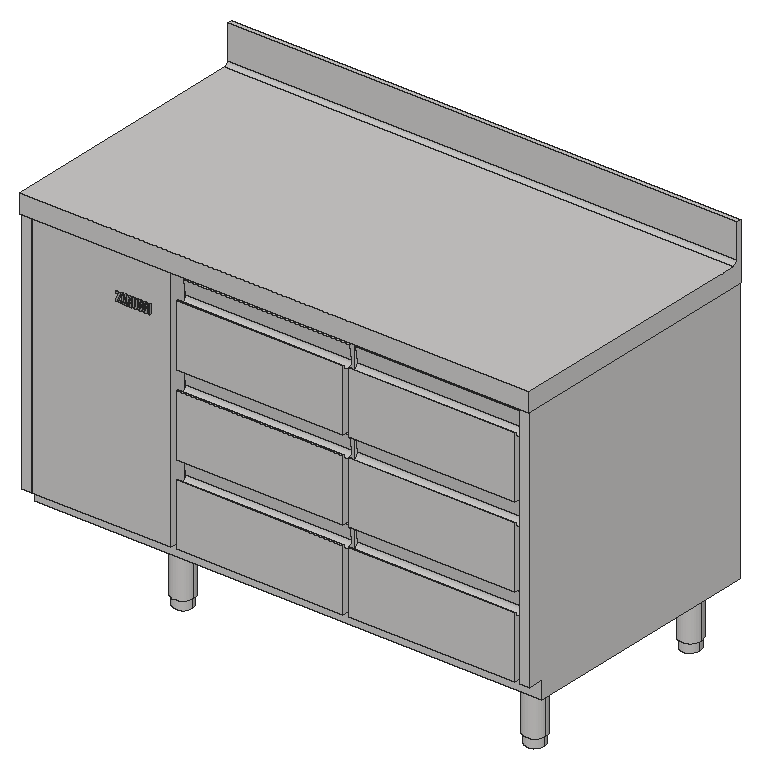
Revit family "QF_ZANUSSI_111034_ZH2H3CC", category Specialty Equipment, Revit 2018 (continued)
Definition of nested family "ZAN_Cooling Unit"
  Lines and regions (mm)
    Split face 127
      outline origin (55.016, 2, -269.136) x (0, 0, 1) y (-1, 0, 0)
        loop
          arc (510.649, 158.547) -> (506.648, 162.548) -> (502.647, 158.547) r 4.001
          line (502.647, 158.547) -> (502.647, 116.535)
          arc (502.647, 116.535) -> (506.648, 112.533) -> (510.649, 116.535) r 4.001
          line (510.649, 116.535) -> (510.649, 158.547)
    Split face 128
      outline origin (55.016, 2, -281.14) x (0, 0, 1) y (-1, 0, 0)
        loop
          arc (510.649, 158.547) -> (506.648, 162.548) -> (502.647, 158.547) r 4.001
          line (502.647, 158.547) -> (502.647, 116.535)
          arc (502.647, 116.535) -> (506.648, 112.533) -> (510.649, 116.535) r 4.001
          line (510.649, 116.535) -> (510.649, 158.547)
    Split face 129
      outline origin (55.016, 2, -293.144) x (0, 0, 1) y (-1, 0, 0)
        loop
          arc (510.649, 158.547) -> (506.648, 162.548) -> (502.647, 158.547) r 4.001
          line (502.647, 158.547) -> (502.647, 116.535)
          arc (502.647, 116.535) -> (506.648, 112.533) -> (510.649, 116.535) r 4.001
          line (510.649, 116.535) -> (510.649, 158.547)
    Split face 130
      outline origin (110.032, 2, -113.091) x (0, 0, 1) y (-1, 0, 0)
        loop
          arc (510.649, 158.547) -> (506.648, 162.548) -> (502.647, 158.547) r 4.001
          line (502.647, 158.547) -> (502.647, 116.535)
          arc (502.647, 116.535) -> (506.648, 112.533) -> (510.649, 116.535) r 4.001
          line (510.649, 116.535) -> (510.649, 158.547)
    Split face 131
      outline origin (110.032, 2, -125.094) x (0, 0, 1) y (-1, 0, 0)
        loop
          arc (510.649, 158.547) -> (506.648, 162.548) -> (502.647, 158.547) r 4.001
          line (502.647, 158.547) -> (502.647, 116.535)
          arc (502.647, 116.535) -> (506.648, 112.533) -> (510.649, 116.535) r 4.001
          line (510.649, 116.535) -> (510.649, 158.547)
    Split face 132
      outline origin (110.032, 2, -137.098) x (0, 0, 1) y (-1, 0, 0)
        loop
          arc (510.649, 158.547) -> (506.648, 162.548) -> (502.647, 158.547) r 4.001
          line (502.647, 158.547) -> (502.647, 116.535)
          arc (502.647, 116.535) -> (506.648, 112.533) -> (510.649, 116.535) r 4.001
          line (510.649, 116.535) -> (510.649, 158.547)
    Split face 133
      outline origin (110.032, 2, -149.101) x (0, 0, 1) y (-1, 0, 0)
        loop
          arc (510.649, 158.547) -> (506.648, 162.548) -> (502.647, 158.547) r 4.001
          line (502.647, 158.547) -> (502.647, 116.535)
          arc (502.647, 116.535) -> (506.648, 112.533) -> (510.649, 116.535) r 4.001
          line (510.649, 116.535) -> (510.649, 158.547)
    Split face 134
      outline origin (110.032, 2, -161.105) x (0, 0, 1) y (-1, 0, 0)
        loop
          arc (510.649, 158.547) -> (506.648, 162.548) -> (502.647, 158.547) r 4.001
          line (502.647, 158.547) -> (502.647, 116.535)
          arc (502.647, 116.535) -> (506.648, 112.533) -> (510.649, 116.535) r 4.001
          line (510.649, 116.535) -> (510.649, 158.547)
    Split face 135
      outline origin (110.032, 2, -173.108) x (0, 0, 1) y (-1, 0, 0)
        loop
          arc (510.649, 158.547) -> (506.648, 162.548) -> (502.647, 158.547) r 4.001
          line (502.647, 158.547) -> (502.647, 116.535)
          arc (502.647, 116.535) -> (506.648, 112.533) -> (510.649, 116.535) r 4.001
          line (510.649, 116.535) -> (510.649, 158.547)
    Split face 136
      outline origin (110.032, 2, -185.112) x (0, 0, 1) y (-1, 0, 0)
        loop
          arc (510.649, 158.547) -> (506.648, 162.548) -> (502.647, 158.547) r 4.001
          line (502.647, 158.547) -> (502.647, 116.535)
          arc (502.647, 116.535) -> (506.648, 112.533) -> (510.649, 116.535) r 4.001
          line (510.649, 116.535) -> (510.649, 158.547)
    Split face 137
      outline origin (110.032, 2, -197.115) x (0, 0, 1) y (-1, 0, 0)
        loop
          arc (510.649, 158.547) -> (506.648, 162.548) -> (502.647, 158.547) r 4.001
          line (502.647, 158.547) -> (502.647, 116.535)
          arc (502.647, 116.535) -> (506.648, 112.533) -> (510.649, 116.535) r 4.001
          line (510.649, 116.535) -> (510.649, 158.547)
    Split face 138
      outline origin (110.032, 2, -209.119) x (0, 0, 1) y (-1, 0, 0)
        loop
          arc (510.649, 158.547) -> (506.648, 162.548) -> (502.647, 158.547) r 4.001
          line (502.647, 158.547) -> (502.647, 116.535)
          arc (502.647, 116.535) -> (506.648, 112.533) -> (510.649, 116.535) r 4.001
          line (510.649, 116.535) -> (510.649, 158.547)
    Split face 139
      outline origin (110.032, 2, -221.122) x (0, 0, 1) y (-1, 0, 0)
        loop
          arc (510.649, 158.547) -> (506.648, 162.548) -> (502.647, 158.547) r 4.001
          line (502.647, 158.547) -> (502.647, 116.535)
          arc (502.647, 116.535) -> (506.648, 112.533) -> (510.649, 116.535) r 4.001
          line (510.649, 116.535) -> (510.649, 158.547)
    Split face 140
      outline origin (110.032, 2, -233.126) x (0, 0, 1) y (-1, 0, 0)
        loop
          arc (510.649, 158.547) -> (506.648, 162.548) -> (502.647, 158.547) r 4.001
          line (502.647, 158.547) -> (502.647, 116.535)
          arc (502.647, 116.535) -> (506.648, 112.533) -> (510.649, 116.535) r 4.001
          line (510.649, 116.535) -> (510.649, 158.547)
    Split face 141
      outline origin (110.032, 2, -245.129) x (0, 0, 1) y (-1, 0, 0)
        loop
          arc (510.649, 158.547) -> (506.648, 162.548) -> (502.647, 158.547) r 4.001
          line (502.647, 158.547) -> (502.647, 116.535)
          arc (502.647, 116.535) -> (506.648, 112.533) -> (510.649, 116.535) r 4.001
          line (510.649, 116.535) -> (510.649, 158.547)
    Split face 142
      outline origin (110.032, 2, -257.133) x (0, 0, 1) y (-1, 0, 0)
        loop
          arc (510.649, 158.547) -> (506.648, 162.548) -> (502.647, 158.547) r 4.001
          line (502.647, 158.547) -> (502.647, 116.535)
          arc (502.647, 116.535) -> (506.648, 112.533) -> (510.649, 116.535) r 4.001
          line (510.649, 116.535) -> (510.649, 158.547)
    Split face 143
      outline origin (110.032, 2, -269.136) x (0, 0, 1) y (-1, 0, 0)
        loop
          arc (510.649, 158.547) -> (506.648, 162.548) -> (502.647, 158.547) r 4.001
          line (502.647, 158.547) -> (502.647, 116.535)
          arc (502.647, 116.535) -> (506.648, 112.533) -> (510.649, 116.535) r 4.001
          line (510.649, 116.535) -> (510.649, 158.547)
    Split face 144
      outline origin (110.032, 2, -281.14) x (0, 0, 1) y (-1, 0, 0)
        loop
          arc (510.649, 158.547) -> (506.648, 162.548) -> (502.647, 158.547) r 4.001
          line (502.647, 158.547) -> (502.647, 116.535)
          arc (502.647, 116.535) -> (506.648, 112.533) -> (510.649, 116.535) r 4.001
          line (510.649, 116.535) -> (510.649, 158.547)
    Split face 145
      outline origin (110.032, 2, -293.144) x (0, 0, 1) y (-1, 0, 0)
        loop
          arc (510.649, 158.547) -> (506.648, 162.548) -> (502.647, 158.547) r 4.001
          line (502.647, 158.547) -> (502.647, 116.535)
          arc (502.647, 116.535) -> (506.648, 112.533) -> (510.649, 116.535) r 4.001
          line (510.649, 116.535) -> (510.649, 158.547)
    Split face 146
      outline origin (165.048, 2, -113.091) x (0, 0, 1) y (-1, 0, 0)
        loop
          arc (510.649, 158.547) -> (506.648, 162.548) -> (502.647, 158.547) r 4.001
          line (502.647, 158.547) -> (502.647, 116.535)
          arc (502.647, 116.535) -> (506.648, 112.533) -> (510.649, 116.535) r 4.001
          line (510.649, 116.535) -> (510.649, 158.547)
    Split face 147
      outline origin (165.048, 2, -125.094) x (0, 0, 1) y (-1, 0, 0)
        loop
          arc (510.649, 158.547) -> (506.648, 162.548) -> (502.647, 158.547) r 4.001
          line (502.647, 158.547) -> (502.647, 116.535)
          arc (502.647, 116.535) -> (506.648, 112.533) -> (510.649, 116.535) r 4.001
          line (510.649, 116.535) -> (510.649, 158.547)
    Split face 148
      outline origin (165.048, 2, -137.098) x (0, 0, 1) y (-1, 0, 0)
        loop
          arc (510.649, 158.547) -> (506.648, 162.548) -> (502.647, 158.547) r 4.001
          line (502.647, 158.547) -> (502.647, 116.535)
          arc (502.647, 116.535) -> (506.648, 112.533) -> (510.649, 116.535) r 4.001
          line (510.649, 116.535) -> (510.649, 158.547)
    Split face 149
      outline origin (165.048, 2, -149.101) x (0, 0, 1) y (-1, 0, 0)
        loop
          arc (510.649, 158.547) -> (506.648, 162.548) -> (502.647, 158.547) r 4.001
          line (502.647, 158.547) -> (502.647, 116.535)
          arc (502.647, 116.535) -> (506.648, 112.533) -> (510.649, 116.535) r 4.001
          line (510.649, 116.535) -> (510.649, 158.547)
    Split face 150
      outline origin (165.048, 2, -161.105) x (0, 0, 1) y (-1, 0, 0)
        loop
          arc (510.649, 158.547) -> (506.648, 162.548) -> (502.647, 158.547) r 4.001
          line (502.647, 158.547) -> (502.647, 116.535)
          arc (502.647, 116.535) -> (506.648, 112.533) -> (510.649, 116.535) r 4.001
          line (510.649, 116.535) -> (510.649, 158.547)
    Split face 151
      outline origin (165.048, 2, -173.108) x (0, 0, 1) y (-1, 0, 0)
        loop
          arc (510.649, 158.547) -> (506.648, 162.548) -> (502.647, 158.547) r 4.001
          line (502.647, 158.547) -> (502.647, 116.535)
          arc (502.647, 116.535) -> (506.648, 112.533) -> (510.649, 116.535) r 4.001
          line (510.649, 116.535) -> (510.649, 158.547)
    Split face 152
      outline origin (165.048, 2, -185.112) x (0, 0, 1) y (-1, 0, 0)
        loop
          arc (510.649, 158.547) -> (506.648, 162.548) -> (502.647, 158.547) r 4.001
          line (502.647, 158.547) -> (502.647, 116.535)
          arc (502.647, 116.535) -> (506.648, 112.533) -> (510.649, 116.535) r 4.001
          line (510.649, 116.535) -> (510.649, 158.547)
    Split face 153
      outline origin (165.048, 2, -197.115) x (0, 0, 1) y (-1, 0, 0)
        loop
          arc (510.649, 158.547) -> (506.648, 162.548) -> (502.647, 158.547) r 4.001
          line (502.647, 158.547) -> (502.647, 116.535)
          arc (502.647, 116.535) -> (506.648, 112.533) -> (510.649, 116.535) r 4.001
          line (510.649, 116.535) -> (510.649, 158.547)
    Split face 154
      outline origin (165.048, 2, -209.119) x (0, 0, 1) y (-1, 0, 0)
        loop
          arc (510.649, 158.547) -> (506.648, 162.548) -> (502.647, 158.547) r 4.001
          line (502.647, 158.547) -> (502.647, 116.535)
          arc (502.647, 116.535) -> (506.648, 112.533) -> (510.649, 116.535) r 4.001
          line (510.649, 116.535) -> (510.649, 158.547)
    Split face 155
      outline origin (165.048, 2, -221.122) x (0, 0, 1) y (-1, 0, 0)
        loop
          arc (510.649, 158.547) -> (506.648, 162.548) -> (502.647, 158.547) r 4.001
          line (502.647, 158.547) -> (502.647, 116.535)
          arc (502.647, 116.535) -> (506.648, 112.533) -> (510.649, 116.535) r 4.001
          line (510.649, 116.535) -> (510.649, 158.547)
    Split face 156
      outline origin (165.048, 2, -233.126) x (0, 0, 1) y (-1, 0, 0)
        loop
          arc (510.649, 158.547) -> (506.648, 162.548) -> (502.647, 158.547) r 4.001
          line (502.647, 158.547) -> (502.647, 116.535)
          arc (502.647, 116.535) -> (506.648, 112.533) -> (510.649, 116.535) r 4.001
          line (510.649, 116.535) -> (510.649, 158.547)
    Split face 157
      outline origin (165.048, 2, -245.129) x (0, 0, 1) y (-1, 0, 0)
        loop
          arc (510.649, 158.547) -> (506.648, 162.548) -> (502.647, 158.547) r 4.001
          line (502.647, 158.547) -> (502.647, 116.535)
          arc (502.647, 116.535) -> (506.648, 112.533) -> (510.649, 116.535) r 4.001
          line (510.649, 116.535) -> (510.649, 158.547)
    Split face 158
      outline origin (165.048, 2, -257.133) x (0, 0, 1) y (-1, 0, 0)
        loop
          arc (510.649, 158.547) -> (506.648, 162.548) -> (502.647, 158.547) r 4.001
          line (502.647, 158.547) -> (502.647, 116.535)
          arc (502.647, 116.535) -> (506.648, 112.533) -> (510.649, 116.535) r 4.001
          line (510.649, 116.535) -> (510.649, 158.547)
    Split face 159
      outline origin (165.048, 2, -269.136) x (0, 0, 1) y (-1, 0, 0)
        loop
          arc (510.649, 158.547) -> (506.648, 162.548) -> (502.647, 158.547) r 4.001
          line (502.647, 158.547) -> (502.647, 116.535)
          arc (502.647, 116.535) -> (506.648, 112.533) -> (510.649, 116.535) r 4.001
          line (510.649, 116.535) -> (510.649, 158.547)
    Split face 160
      outline origin (165.048, 2, -281.14) x (0, 0, 1) y (-1, 0, 0)
        loop
          arc (510.649, 158.547) -> (506.648, 162.548) -> (502.647, 158.547) r 4.001
          line (502.647, 158.547) -> (502.647, 116.535)
          arc (502.647, 116.535) -> (506.648, 112.533) -> (510.649, 116.535) r 4.001
          line (510.649, 116.535) -> (510.649, 158.547)
    Split face 161
      outline origin (165.048, 2, -293.144) x (0, 0, 1) y (-1, 0, 0)
        loop
          arc (510.649, 158.547) -> (506.648, 162.548) -> (502.647, 158.547) r 4.001
          line (502.647, 158.547) -> (502.647, 116.535)
          arc (502.647, 116.535) -> (506.648, 112.533) -> (510.649, 116.535) r 4.001
          line (510.649, 116.535) -> (510.649, 158.547)
    Split face 162
      outline origin (220.064, 2, -113.091) x (0, 0, 1) y (-1, 0, 0)
        loop
          arc (510.649, 158.547) -> (506.648, 162.548) -> (502.647, 158.547) r 4.001
          line (502.647, 158.547) -> (502.647, 116.535)
          arc (502.647, 116.535) -> (506.648, 112.533) -> (510.649, 116.535) r 4.001
          line (510.649, 116.535) -> (510.649, 158.547)
    Split face 163
      outline origin (220.064, 2, -125.094) x (0, 0, 1) y (-1, 0, 0)
        loop
          arc (510.649, 158.547) -> (506.648, 162.548) -> (502.647, 158.547) r 4.001
          line (502.647, 158.547) -> (502.647, 116.535)
          arc (502.647, 116.535) -> (506.648, 112.533) -> (510.649, 116.535) r 4.001
          line (510.649, 116.535) -> (510.649, 158.547)
    Split face 164
      outline origin (220.064, 2, -137.098) x (0, 0, 1) y (-1, 0, 0)
        loop
          arc (510.649, 158.547) -> (506.648, 162.548) -> (502.647, 158.547) r 4.001
          line (502.647, 158.547) -> (502.647, 116.535)
          arc (502.647, 116.535) -> (506.648, 112.533) -> (510.649, 116.535) r 4.001
          line (510.649, 116.535) -> (510.649, 158.547)
    Split face 165
      outline origin (220.064, 2, -149.101) x (0, 0, 1) y (-1, 0, 0)
        loop
          arc (510.649, 158.547) -> (506.648, 162.548) -> (502.647, 158.547) r 4.001
          line (502.647, 158.547) -> (502.647, 116.535)
          arc (502.647, 116.535) -> (506.648, 112.533) -> (510.649, 116.535) r 4.001
          line (510.649, 116.535) -> (510.649, 158.547)
    Split face 166
      outline origin (220.064, 2, -161.105) x (0, 0, 1) y (-1, 0, 0)
        loop
          arc (510.649, 158.547) -> (506.648, 162.548) -> (502.647, 158.547) r 4.001
          line (502.647, 158.547) -> (502.647, 116.535)
          arc (502.647, 116.535) -> (506.648, 112.533) -> (510.649, 116.535) r 4.001
          line (510.649, 116.535) -> (510.649, 158.547)
    Split face 167
      outline origin (220.064, 2, -173.108) x (0, 0, 1) y (-1, 0, 0)
        loop
          arc (510.649, 158.547) -> (506.648, 162.548) -> (502.647, 158.547) r 4.001
          line (502.647, 158.547) -> (502.647, 116.535)
          arc (502.647, 116.535) -> (506.648, 112.533) -> (510.649, 116.535) r 4.001
          line (510.649, 116.535) -> (510.649, 158.547)
    Split face 168
      outline origin (220.064, 2, -185.112) x (0, 0, 1) y (-1, 0, 0)
        loop
          arc (510.649, 158.547) -> (506.648, 162.548) -> (502.647, 158.547) r 4.001
          line (502.647, 158.547) -> (502.647, 116.535)
          arc (502.647, 116.535) -> (506.648, 112.533) -> (510.649, 116.535) r 4.001
          line (510.649, 116.535) -> (510.649, 158.547)
    Split face 169
      outline origin (220.064, 2, -197.115) x (0, 0, 1) y (-1, 0, 0)
        loop
          arc (510.649, 158.547) -> (506.648, 162.548) -> (502.647, 158.547) r 4.001
          line (502.647, 158.547) -> (502.647, 116.535)
          arc (502.647, 116.535) -> (506.648, 112.533) -> (510.649, 116.535) r 4.001
          line (510.649, 116.535) -> (510.649, 158.547)
    Split face 170
      outline origin (220.064, 2, -209.119) x (0, 0, 1) y (-1, 0, 0)
        loop
          arc (510.649, 158.547) -> (506.648, 162.548) -> (502.647, 158.547) r 4.001
          line (502.647, 158.547) -> (502.647, 116.535)
          arc (502.647, 116.535) -> (506.648, 112.533) -> (510.649, 116.535) r 4.001
          line (510.649, 116.535) -> (510.649, 158.547)
    Split face 171
      outline origin (220.064, 2, -221.122) x (0, 0, 1) y (-1, 0, 0)
        loop
          arc (510.649, 158.547) -> (506.648, 162.548) -> (502.647, 158.547) r 4.001
          line (502.647, 158.547) -> (502.647, 116.535)
          arc (502.647, 116.535) -> (506.648, 112.533) -> (510.649, 116.535) r 4.001
          line (510.649, 116.535) -> (510.649, 158.547)
    Split face 172
      outline origin (220.064, 2, -233.126) x (0, 0, 1) y (-1, 0, 0)
        loop
          arc (510.649, 158.547) -> (506.648, 162.548) -> (502.647, 158.547) r 4.001
          line (502.647, 158.547) -> (502.647, 116.535)
          arc (502.647, 116.535) -> (506.648, 112.533) -> (510.649, 116.535) r 4.001
          line (510.649, 116.535) -> (510.649, 158.547)
    Split face 173
      outline origin (220.064, 2, -245.129) x (0, 0, 1) y (-1, 0, 0)
        loop
          arc (510.649, 158.547) -> (506.648, 162.548) -> (502.647, 158.547) r 4.001
          line (502.647, 158.547) -> (502.647, 116.535)
          arc (502.647, 116.535) -> (506.648, 112.533) -> (510.649, 116.535) r 4.001
          line (510.649, 116.535) -> (510.649, 158.547)
    Split face 174
      outline origin (220.064, 2, -257.133) x (0, 0, 1) y (-1, 0, 0)
        loop
          arc (510.649, 158.547) -> (506.648, 162.548) -> (502.647, 158.547) r 4.001
          line (502.647, 158.547) -> (502.647, 116.535)
          arc (502.647, 116.535) -> (506.648, 112.533) -> (510.649, 116.535) r 4.001
          line (510.649, 116.535) -> (510.649, 158.547)
    Split face 175
      outline origin (220.064, 2, -269.136) x (0, 0, 1) y (-1, 0, 0)
        loop
          arc (510.649, 158.547) -> (506.648, 162.548) -> (502.647, 158.547) r 4.001
          line (502.647, 158.547) -> (502.647, 116.535)
          arc (502.647, 116.535) -> (506.648, 112.533) -> (510.649, 116.535) r 4.001
          line (510.649, 116.535) -> (510.649, 158.547)
    Split face 176
      outline origin (220.064, 2, -281.14) x (0, 0, 1) y (-1, 0, 0)
        loop
          arc (510.649, 158.547) -> (506.648, 162.548) -> (502.647, 158.547) r 4.001
          line (502.647, 158.547) -> (502.647, 116.535)
          arc (502.647, 116.535) -> (506.648, 112.533) -> (510.649, 116.535) r 4.001
          line (510.649, 116.535) -> (510.649, 158.547)
    Split face 177
      outline origin (220.064, 2, -293.144) x (0, 0, 1) y (-1, 0, 0)
        loop
          arc (510.649, 158.547) -> (506.648, 162.548) -> (502.647, 158.547) r 4.001
          line (502.647, 158.547) -> (502.647, 116.535)
          arc (502.647, 116.535) -> (506.648, 112.533) -> (510.649, 116.535) r 4.001
          line (510.649, 116.535) -> (510.649, 158.547)
    Split face 178
      outline origin (275.081, 2, -113.091) x (0, 0, 1) y (-1, 0, 0)
        loop
          arc (510.649, 158.547) -> (506.648, 162.548) -> (502.647, 158.547) r 4.001
          line (502.647, 158.547) -> (502.647, 116.535)
          arc (502.647, 116.535) -> (506.648, 112.533) -> (510.649, 116.535) r 4.001
          line (510.649, 116.535) -> (510.649, 158.547)
    Split face 179
      outline origin (275.081, 2, -125.094) x (0, 0, 1) y (-1, 0, 0)
        loop
          arc (510.649, 158.547) -> (506.648, 162.548) -> (502.647, 158.547) r 4.001
          line (502.647, 158.547) -> (502.647, 116.535)
          arc (502.647, 116.535) -> (506.648, 112.533) -> (510.649, 116.535) r 4.001
          line (510.649, 116.535) -> (510.649, 158.547)
    Split face 180
      outline origin (275.081, 2, -137.098) x (0, 0, 1) y (-1, 0, 0)
        loop
          arc (510.649, 158.547) -> (506.648, 162.548) -> (502.647, 158.547) r 4.001
          line (502.647, 158.547) -> (502.647, 116.535)
          arc (502.647, 116.535) -> (506.648, 112.533) -> (510.649, 116.535) r 4.001
          line (510.649, 116.535) -> (510.649, 158.547)
    Split face 181
      outline origin (275.081, 2, -149.101) x (0, 0, 1) y (-1, 0, 0)
        loop
          arc (510.649, 158.547) -> (506.648, 162.548) -> (502.647, 158.547) r 4.001
          line (502.647, 158.547) -> (502.647, 116.535)
          arc (502.647, 116.535) -> (506.648, 112.533) -> (510.649, 116.535) r 4.001
          line (510.649, 116.535) -> (510.649, 158.547)
    Split face 182
      outline origin (275.081, 2, -161.105) x (0, 0, 1) y (-1, 0, 0)
        loop
          arc (510.649, 158.547) -> (506.648, 162.548) -> (502.647, 158.547) r 4.001
          line (502.647, 158.547) -> (502.647, 116.535)
          arc (502.647, 116.535) -> (506.648, 112.533) -> (510.649, 116.535) r 4.001
          line (510.649, 116.535) -> (510.649, 158.547)
    Split face 183
      outline origin (275.081, 2, -173.108) x (0, 0, 1) y (-1, 0, 0)
        loop
          arc (510.649, 158.547) -> (506.648, 162.548) -> (502.647, 158.547) r 4.001
          line (502.647, 158.547) -> (502.647, 116.535)
          arc (502.647, 116.535) -> (506.648, 112.533) -> (510.649, 116.535) r 4.001
          line (510.649, 116.535) -> (510.649, 158.547)
    Split face 184
      outline origin (275.081, 2, -185.112) x (0, 0, 1) y (-1, 0, 0)
        loop
          arc (510.649, 158.547) -> (506.648, 162.548) -> (502.647, 158.547) r 4.001
          line (502.647, 158.547) -> (502.647, 116.535)
          arc (502.647, 116.535) -> (506.648, 112.533) -> (510.649, 116.535) r 4.001
          line (510.649, 116.535) -> (510.649, 158.547)
    Split face 185
      outline origin (275.081, 2, -197.115) x (0, 0, 1) y (-1, 0, 0)
        loop
          arc (510.649, 158.547) -> (506.648, 162.548) -> (502.647, 158.547) r 4.001
          line (502.647, 158.547) -> (502.647, 116.535)
          arc (502.647, 116.535) -> (506.648, 112.533) -> (510.649, 116.535) r 4.001
          line (510.649, 116.535) -> (510.649, 158.547)
    Split face 186
      outline origin (275.081, 2, -209.119) x (0, 0, 1) y (-1, 0, 0)
        loop
          arc (510.649, 158.547) -> (506.648, 162.548) -> (502.647, 158.547) r 4.001
          line (502.647, 158.547) -> (502.647, 116.535)
          arc (502.647, 116.535) -> (506.648, 112.533) -> (510.649, 116.535) r 4.001
          line (510.649, 116.535) -> (510.649, 158.547)
    Split face 187
      outline origin (275.081, 2, -221.122) x (0, 0, 1) y (-1, 0, 0)
        loop
          arc (510.649, 158.547) -> (506.648, 162.548) -> (502.647, 158.547) r 4.001
          line (502.647, 158.547) -> (502.647, 116.535)
          arc (502.647, 116.535) -> (506.648, 112.533) -> (510.649, 116.535) r 4.001
          line (510.649, 116.535) -> (510.649, 158.547)
    Split face 188
      outline origin (275.081, 2, -233.126) x (0, 0, 1) y (-1, 0, 0)
        loop
          arc (510.649, 158.547) -> (506.648, 162.548) -> (502.647, 158.547) r 4.001
          line (502.647, 158.547) -> (502.647, 116.535)
          arc (502.647, 116.535) -> (506.648, 112.533) -> (510.649, 116.535) r 4.001
          line (510.649, 116.535) -> (510.649, 158.547)
    Split face 189
      outline origin (275.081, 2, -245.129) x (0, 0, 1) y (-1, 0, 0)
        loop
          arc (510.649, 158.547) -> (506.648, 162.548) -> (502.647, 158.547) r 4.001
          line (502.647, 158.547) -> (502.647, 116.535)
          arc (502.647, 116.535) -> (506.648, 112.533) -> (510.649, 116.535) r 4.001
          line (510.649, 116.535) -> (510.649, 158.547)
    Split face 190
      outline origin (275.081, 2, -257.133) x (0, 0, 1) y (-1, 0, 0)
        loop
          arc (510.649, 158.547) -> (506.648, 162.548) -> (502.647, 158.547) r 4.001
          line (502.647, 158.547) -> (502.647, 116.535)
          arc (502.647, 116.535) -> (506.648, 112.533) -> (510.649, 116.535) r 4.001
          line (510.649, 116.535) -> (510.649, 158.547)
    Split face 191
      outline origin (275.081, 2, -269.136) x (0, 0, 1) y (-1, 0, 0)
        loop
          arc (510.649, 158.547) -> (506.648, 162.548) -> (502.647, 158.547) r 4.001
          line (502.647, 158.547) -> (502.647, 116.535)
          arc (502.647, 116.535) -> (506.648, 112.533) -> (510.649, 116.535) r 4.001
          line (510.649, 116.535) -> (510.649, 158.547)
    Split face 192
      outline origin (275.081, 2, -281.14) x (0, 0, 1) y (-1, 0, 0)
        loop
          arc (510.649, 158.547) -> (506.648, 162.548) -> (502.647, 158.547) r 4.001
          line (502.647, 158.547) -> (502.647, 116.535)
          arc (502.647, 116.535) -> (506.648, 112.533) -> (510.649, 116.535) r 4.001
          line (510.649, 116.535) -> (510.649, 158.547)
    Split face 193
      outline origin (275.081, 2, -293.144) x (0, 0, 1) y (-1, 0, 0)
        loop
          arc (510.649, 158.547) -> (506.648, 162.548) -> (502.647, 158.547) r 4.001
          line (502.647, 158.547) -> (502.647, 116.535)
          arc (502.647, 116.535) -> (506.648, 112.533) -> (510.649, 116.535) r 4.001
          line (510.649, 116.535) -> (510.649, 158.547)
    Split face 194
      outline origin (0, 2, 197) x (0, 0, 1) y (-1, 0, 0)
        loop
          spline (566.835, 20.381) -> (564.628, 19.058) -> (561.987, 18.027) -> (558.955, 17.386) -> (555.581, 17.244) -> (551.912, 17.703) -> (547.993, 18.863) -> (543.871, 20.83) -> (539.591, 23.706) -> (535.202, 27.594) -> (530.748, 32.597) -> (526.28, 38.824) -> (521.835, 46.362)
        loop
          spline (521.835, 58.392) -> (525.386, 49.242) -> (529.197, 41.481) -> (533.2, 35.023) -> (537.329, 29.786) -> (541.516, 25.684) -> (545.695, 22.634) -> (549.798, 20.552) -> (553.759, 19.355) -> (557.511, 18.958) -> (560.984, 19.275) -> (564.115, 20.227) -> (566.835, 21.726)
    Split face 195
      outline origin (0, 2, 197) x (0, 0, 1) y (-1, 0, 0)
        loop
          line (555.835, 149.5) -> (532.835, 149.5) -> (532.835, 94.5) -> (555.835, 94.5) -> (555.835, 149.5)
  Dimensions and locks
    aligned and locked: level to plane 2
  Nested families
    nested 1: "ZAN_Logo_S_Grey" at (85, 2, 741.213) x (1, 0, 0) z (0, -1, 0), visible <- "Show Logo", type "ZAN_Logo_S_Grey"
  Definition of nested family "ZAN_Logo_S_Grey"
    Parameters
      Default Elevation = 0 mm
    Reference planes
      plane 1 "Centro (Fronte/Retro)": y = 0
      plane 2: z = 0
      plane 3 "Centro (Sinistra/Destra)": x = 0
    Forms (mm)
      Extrusion 1, solid
        sketch origin (0, 0, 0) x (1, 0, 0) y (0, 1, 0)
          loop
            line (-1219.2, 1219.2) -> (-1219.2, -1219.2) -> (1219.2, -1219.2) -> (1219.2, 1219.2) -> (-1219.2, 1219.2)
        from 0 to -304.8
      Extrusion 2, solid
        sketch origin (17.793, -46.218, 0) x (-1, 0, 0) y (0, -1, 0)
          loop
            spline (-4.176, -58.079) -> (-3.496, -58.328) -> (-2.793, -58.512) -> (-2.075, -58.63) -> (-1.348, -58.682) -> (-0.619, -58.669) -> (0.106, -58.588) -> (0.818, -58.44) -> (1.512, -58.225) -> (2.18, -57.941) -> (2.817, -57.589) -> (3.414, -57.167) -> (3.966, -56.676)
            spline (3.966, -56.676) -> (4.293, -56.162) -> (4.575, -55.61) -> (4.81, -55.026) -> (5, -54.419) -> (5.146, -53.797) -> (5.247, -53.166) -> (5.304, -52.536) -> (5.318, -51.913) -> (5.288, -51.306) -> (5.217, -50.723) -> (5.103, -50.17) -> (4.949, -49.657)
            line (4.949, -49.657) -> (2.702, -46.428) -> (0.316, -44.323)
            spline (0.316, -44.323) -> (0.065, -44.115) -> (-0.195, -43.909) -> (-0.46, -43.704) -> (-0.729, -43.496) -> (-0.997, -43.282) -> (-1.263, -43.059) -> (-1.523, -42.825) -> (-1.774, -42.576) -> (-2.013, -42.309) -> (-2.238, -42.022) -> (-2.445, -41.712) -> (-2.632, -41.375)
            spline (-2.632, -41.375) -> (-2.666, -41.159) -> (-2.697, -40.934) -> (-2.722, -40.701) -> (-2.736, -40.465) -> (-2.736, -40.227) -> (-2.72, -39.989) -> (-2.682, -39.754) -> (-2.621, -39.524) -> (-2.533, -39.302) -> (-2.414, -39.091) -> (-2.261, -38.892) -> (-2.07, -38.708)
            line (-2.07, -38.708) -> (-0.245, -38.567)
            spline (-0.245, -38.567) -> (0.096, -38.8) -> (0.354, -39.074) -> (0.54, -39.381) -> (0.664, -39.716) -> (0.738, -40.073) -> (0.772, -40.445) -> (0.777, -40.825) -> (0.763, -41.208) -> (0.742, -41.588) -> (0.723, -41.957) -> (0.718, -42.309) -> (0.737, -42.638)
            line (0.737, -42.638) -> (5.65, -42.638)
            spline (5.65, -42.638) -> (5.708, -42.042) -> (5.741, -41.448) -> (5.747, -40.857) -> (5.723, -40.273) -> (5.668, -39.696) -> (5.58, -39.129) -> (5.457, -38.574) -> (5.297, -38.032) -> (5.098, -37.506) -> (4.857, -36.997) -> (4.574, -36.508) -> (4.247, -36.041)
            spline (4.247, -36.041) -> (3.844, -35.675) -> (3.409, -35.35) -> (2.946, -35.065) -> (2.458, -34.819) -> (1.949, -34.612) -> (1.421, -34.444) -> (0.88, -34.314) -> (0.326, -34.221) -> (-0.234, -34.165) -> (-0.8, -34.146) -> (-1.366, -34.163) -> (-1.93, -34.216)
            spline (-1.93, -34.216) -> (-2.526, -34.309) -> (-3.116, -34.448) -> (-3.695, -34.633) -> (-4.259, -34.861) -> (-4.801, -35.131) -> (-5.316, -35.444) -> (-5.799, -35.798) -> (-6.245, -36.191) -> (-6.648, -36.624) -> (-7.002, -37.095) -> (-7.303, -37.603) -> (-7.545, -38.146)
            spline (-7.545, -38.146) -> (-7.694, -38.815) -> (-7.792, -39.487) -> (-7.839, -40.158) -> (-7.836, -40.824) -> (-7.785, -41.482) -> (-7.685, -42.129) -> (-7.539, -42.762) -> (-7.347, -43.377) -> (-7.111, -43.97) -> (-6.83, -44.538) -> (-6.506, -45.078) -> (-6.141, -45.586)
            line (-6.141, -45.586) -> (-0.526, -50.64) -> (0.176, -51.482)
            spline (0.176, -51.482) -> (0.248, -51.66) -> (0.323, -51.843) -> (0.397, -52.03) -> (0.467, -52.22) -> (0.529, -52.412) -> (0.579, -52.605) -> (0.615, -52.798) -> (0.633, -52.989) -> (0.63, -53.179) -> (0.601, -53.366) -> (0.545, -53.55) -> (0.456, -53.728)
            spline (0.456, -53.728) -> (0.375, -53.892) -> (0.273, -54.034) -> (0.154, -54.155) -> (0.02, -54.258) -> (-0.126, -54.343) -> (-0.28, -54.412) -> (-0.441, -54.466) -> (-0.604, -54.508) -> (-0.767, -54.537) -> (-0.928, -54.556) -> (-1.082, -54.567) -> (-1.228, -54.57)
            line (-1.228, -54.57) -> (-2.632, -53.587) -> (-2.772, -50.64) -> (-7.405, -50.64)
            spline (-7.405, -50.64) -> (-7.41, -51.031) -> (-7.423, -51.432) -> (-7.44, -51.839) -> (-7.456, -52.251) -> (-7.469, -52.665) -> (-7.475, -53.079) -> (-7.468, -53.489) -> (-7.446, -53.894) -> (-7.404, -54.291) -> (-7.339, -54.679) -> (-7.247, -55.053) -> (-7.123, -55.412)
            spline (-7.123, -55.412) -> (-6.999, -55.693) -> (-6.837, -55.97) -> (-6.643, -56.244) -> (-6.422, -56.509) -> (-6.177, -56.765) -> (-5.913, -57.009) -> (-5.634, -57.238) -> (-5.346, -57.45) -> (-5.051, -57.643) -> (-4.755, -57.814) -> (-4.462, -57.96) -> (-4.176, -58.079)
          loop
            spline (-21.021, -55.552) -> (-20.633, -56.181) -> (-20.177, -56.736) -> (-19.661, -57.217) -> (-19.092, -57.627) -> (-18.478, -57.966) -> (-17.827, -58.237) -> (-17.147, -58.441) -> (-16.446, -58.578) -> (-15.73, -58.652) -> (-15.009, -58.662) -> (-14.29, -58.611) -> (-13.581, -58.5)
            spline (-13.581, -58.5) -> (-13.088, -58.407) -> (-12.595, -58.269) -> (-12.109, -58.088) -> (-11.636, -57.866) -> (-11.183, -57.605) -> (-10.756, -57.307) -> (-10.361, -56.974) -> (-10.004, -56.608) -> (-9.692, -56.211) -> (-9.431, -55.784) -> (-9.228, -55.33) -> (-9.089, -54.851)
            spline (-9.089, -54.851) -> (-8.873, -54.211) -> (-8.715, -53.559) -> (-8.615, -52.901) -> (-8.574, -52.241) -> (-8.592, -51.585) -> (-8.668, -50.938) -> (-8.802, -50.306) -> (-8.995, -49.693) -> (-9.247, -49.106) -> (-9.557, -48.55) -> (-9.925, -48.03) -> (-10.352, -47.551)
            line (-10.352, -47.551) -> (-15.546, -42.919) -> (-16.669, -41.234)
            spline (-16.669, -41.234) -> (-16.704, -41.021) -> (-16.735, -40.804) -> (-16.761, -40.583) -> (-16.778, -40.361) -> (-16.784, -40.139) -> (-16.774, -39.919) -> (-16.748, -39.701) -> (-16.7, -39.488) -> (-16.63, -39.28) -> (-16.533, -39.08) -> (-16.406, -38.889) -> (-16.248, -38.708)
            line (-16.248, -38.708) -> (-14.844, -38.427)
            spline (-14.844, -38.427) -> (-14.347, -38.545) -> (-13.969, -38.749) -> (-13.695, -39.028) -> (-13.508, -39.368) -> (-13.393, -39.757) -> (-13.335, -40.182) -> (-13.318, -40.63) -> (-13.326, -41.089) -> (-13.344, -41.546) -> (-13.356, -41.988) -> (-13.347, -42.403) -> (-13.3, -42.779)
            line (-13.3, -42.779) -> (-8.387, -42.638)
            spline (-8.387, -42.638) -> (-8.326, -42.034) -> (-8.288, -41.417) -> (-8.277, -40.794) -> (-8.299, -40.169) -> (-8.357, -39.548) -> (-8.457, -38.936) -> (-8.604, -38.339) -> (-8.803, -37.762) -> (-9.058, -37.21) -> (-9.375, -36.689) -> (-9.758, -36.204) -> (-10.212, -35.76)
            spline (-10.212, -35.76) -> (-10.793, -35.336) -> (-11.409, -34.976) -> (-12.054, -34.679) -> (-12.723, -34.445) -> (-13.409, -34.273) -> (-14.107, -34.163) -> (-14.811, -34.115) -> (-15.515, -34.127) -> (-16.213, -34.2) -> (-16.899, -34.333) -> (-17.568, -34.526) -> (-18.213, -34.777)
            spline (-18.213, -34.777) -> (-18.496, -34.897) -> (-18.783, -35.044) -> (-19.071, -35.216) -> (-19.357, -35.412) -> (-19.639, -35.629) -> (-19.915, -35.865) -> (-20.182, -36.119) -> (-20.438, -36.389) -> (-20.681, -36.672) -> (-20.907, -36.967) -> (-21.115, -37.272) -> (-21.301, -37.585)
            spline (-21.301, -37.585) -> (-21.55, -38.26) -> (-21.734, -38.948) -> (-21.854, -39.647) -> (-21.91, -40.351) -> (-21.901, -41.057) -> (-21.828, -41.761) -> (-21.69, -42.459) -> (-21.489, -43.148) -> (-21.222, -43.823) -> (-20.892, -44.48) -> (-20.497, -45.116) -> (-20.038, -45.726)
            line (-20.038, -45.726) -> (-14.142, -51.061) -> (-13.44, -52.886) -> (-14.002, -54.289) -> (-15.265, -54.57) -> (-16.669, -53.587) -> (-16.81, -50.78) -> (-21.582, -50.64)
            spline (-21.582, -50.64) -> (-21.558, -51.063) -> (-21.55, -51.491) -> (-21.554, -51.92) -> (-21.561, -52.35) -> (-21.567, -52.778) -> (-21.565, -53.201) -> (-21.547, -53.619) -> (-21.509, -54.029) -> (-21.444, -54.43) -> (-21.345, -54.818) -> (-21.206, -55.193) -> (-21.021, -55.552)
          loop
            line (-22.424, -34.216) -> (-27.337, -34.216) -> (-27.337, -58.22) -> (-22.424, -58.22) -> (-22.424, -34.216)
          loop
            line (14.213, -39.971) -> (14.213, -58.22) -> (19.126, -58.22) -> (19.126, -42.077) -> (18.845, -38.146) -> (18.424, -37.164) -> (17.442, -35.9) -> (16.459, -35.199) -> (14.494, -34.356) -> (13.511, -34.216) -> (11.265, -34.216) -> (10.142, -34.497) -> (8.458, -35.479) -> (6.493, -38.287) -> (6.352, -39.269) -> (6.352, -58.22) -> (11.265, -58.22) -> (11.265, -40.392) -> (11.827, -39.129) -> (13.371, -38.988) -> (14.213, -39.971)
          loop
            line (20.249, -58.22) -> (24.741, -58.22) -> (24.741, -42.919) -> (28.812, -58.22) -> (34.006, -58.22) -> (34.006, -34.216) -> (29.654, -34.216) -> (29.654, -50.078) -> (25.583, -34.216) -> (20.249, -34.216) -> (20.249, -58.22)
          loop
            line (50.149, -58.22) -> (62.361, -58.22) -> (62.361, -53.728) -> (55.904, -53.868) -> (62.923, -39.129) -> (62.923, -34.216) -> (50.149, -34.216) -> (50.149, -39.129) -> (57.517, -39.129) -> (50.149, -54.149) -> (50.149, -58.22)
          loop
            line (38.778, -58.22) -> (45.516, -58.22) -> (49.868, -34.216) -> (44.814, -34.216) -> (44.113, -38.848) -> (40.042, -38.848) -> (39.34, -34.216) -> (34.286, -34.216) -> (38.778, -58.22)
          loop
            line (43.551, -43.2) -> (40.744, -43.2) -> (42.147, -54.117) -> (43.551, -43.2)
        from 0 to 1.644
    Dimensions and locks
      aligned and locked: plane 2 to Extrusion 1
      aligned and locked: level to Extrusion 1
Definition of nested family "Refrigerator"
  Reference planes
    plane 1 "Center (Front/Back)": y = 0
    plane 2: z = 0
    plane 3 "Center (Left/Right)": x = 0
  Lines and regions (mm)
    detail lines, in view "Ref. Level"
      curve 1: spline (-500, 190, 0) -> (-493.185, 166.706, 0) -> (-473.205, 145, 0) -> (-441.421, 126.36, 0) -> (-400, 112.058, 0) -> (-351.764, 103.067, 0) -> (-300, 100, 0) -> (-248.236, 103.067, 0) -> (-200, 112.058, 0) -> (-158.579, 126.36, 0) -> (-126.795, 145, 0) -> (-106.815, 166.706, 0) -> (-100, 190, 0) -> (-106.815, 213.294, 0) -> (-126.795, 235, 0) -> (-158.579, 253.64, 0) -> (-200, 267.942, 0) -> (-248.236, 276.933, 0) -> (-300, 280, 0) -> (-351.764, 276.933, 0) -> (-400, 267.942, 0) -> (-441.421, 253.64, 0) -> (-473.205, 235, 0) -> (-493.185, 213.294, 0) -> (-500, 190, 0)
      curve 2: line (-300, 130, 0) -> (-300, 250, 0)
      curve 3: line (-351.962, 220, 0) -> (-248.038, 160, 0)
      curve 4: line (-351.962, 160, 0) -> (-248.038, 220, 0)
      curve 5: line (-280.884, 246.873, 0) -> (-300, 225, 0)
      curve 6: line (-300, 225, 0) -> (-319.116, 246.873, 0)
      curve 7: line (-330.311, 207.5, 0) -> (-339.696, 234.992, 0)
      curve 8: line (-358.812, 201.882, 0) -> (-330.311, 207.5, 0)
      curve 9: line (-330.311, 172.5, 0) -> (-358.812, 178.118, 0)
      curve 10: line (-339.696, 145.008, 0) -> (-330.311, 172.5, 0)
      curve 11: line (-300, 155, 0) -> (-319.116, 133.127, 0)
      curve 12: line (-280.884, 133.127, 0) -> (-300, 155, 0)
      curve 13: line (-269.689, 172.5, 0) -> (-260.304, 145.008, 0)
      curve 14: line (-241.188, 178.118, 0) -> (-269.689, 172.5, 0)
      curve 15: line (-269.689, 207.5, 0) -> (-241.188, 201.882, 0)
      curve 16: line (-260.304, 234.992, 0) -> (-269.689, 207.5, 0)
